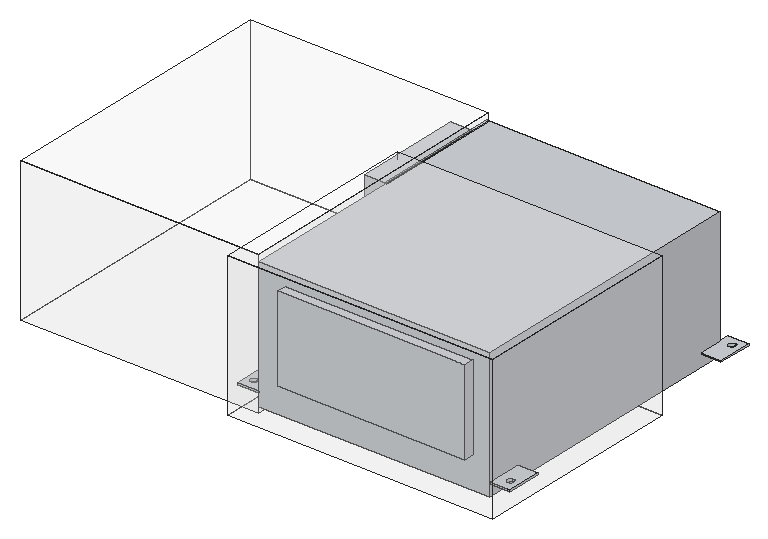
Revit family "pefy-p45_280mg7_50Hz", category 機械設備, Revit 2019
Family settings
  丸型コネクタ寸法 = 直径を使用
  パーツ タイプ = 標準
  OmniClass 番号 = 23.75.10.24.21.27.27
  OmniClass タイトル = Split System Air Conditioning Units
  作業面ベース = いいえ
  常に垂直 = はい
  ロード時にボイドで切り取り = いいえ
  共有 = いいえ
  部屋計算ポイント = はい
Parameters (values of type "PEFY-P45MG7")
  風量（弱）（m3／min） = 10
  風量（m3／min） = 14
  風量 = MAX風量  # 840.0 m³/h
  音響パワーレベル（弱）(dB) = 51
  音響パワーレベル(dB) = 57
  電源種別 = ""
  電源_H = 0 mm
  電圧_電気ヒーター = 0 V
  電圧 = 200 V
  電動機出力_送風機 = 0.08 kW
  運転質量 = 0.00 kg
  連動 = ""
  質量 = if(製品質量 > 運転質量, 製品質量, 運転質量) * 1.2  # 46.80 kg
  負荷分類 = 3_ファン類
  説明 = "ビル用マルチエアコン　天井埋込形室内機"
  設計暖房能力 = 0.00 kW
  設計冷房能力_顕熱 = 0 kW
  設計冷房能力 = 0 kW
  設置方法 = "天井吊(隠ぺい)形"
  記号 = ""
  製造元 = "三菱電機株式会社"
  製品質量 = 39.00 kg
  製品出荷対象 = "国内"
  製品リリース年月 = "2020/7/22"
  製品グループ = ""
  系統 = ""
  符号 = "ACP_CID"
  積算_科目 = "1 空気調和設備"
  積算_拾い区分 [instance] = ""
  相_電気ヒーター = 1
  相 = 1
  盤記号 = ""
  発停方法 = "付属スイッチ"
  特殊仕様 = ""
  点検口離隔 [instance] = if(点検口離隔入力値 > 200 mm, 200 mm, if(点検口離隔入力値 < 150 mm, 150 mm, 点検口離隔入力値))  # 150 mm
  点検口離隔入力値 [instance] = 150 mm
  点検口設置範囲 = 700 mm
  点検口位置 = 200 mm
  点検口 = yes
  火災停止 = ""
  消費電力_電気ヒーター = 0.00 kW
  消費電力_暖房 = 0.17 kW
  消費電力_加湿器 = 0.00 kW
  消費電力_冷房 = 0.19 kW
  消費電力 = if(消費電力_冷房 > 消費電力_暖房, 消費電力_冷房, 消費電力_暖房) + 消費電力_加湿器 + 消費電力_電気ヒーター  # 0.19 kW
  法定耐用年数 = "15"
  機外静圧 = 100.0 Pa
  極数 = 3
  材質 = ""
  本体マテリアル = none
  有効加湿量 = 0
  暖房能力 = 5.00 kW
  推奨ブレーカー容量 = 15 A
  形式_加湿器 = ""
  形式 = "天井吊（隠ぺい）形（両ダクト形）"
  幹線記号 = ""
  始動方式 = ""
  呼称 = "室内機_天井吊(隠ぺい)形(両ダクト形)"
  周波数 = 50 Hz
  吊り幅 = if(Depth = 900 mm, 60 mm, 61 mm)  # 60 mm
  吊り位置Y = 814 mm
  吊り位置X = 754 mm
  吊りボルト_H = 41 mm  # constant formula
  台数_手元リモコン = ""
  台数_冷媒分岐ユニット = ""
  参照している仕様書等のバージョン = "公共建築工事標準仕様書（機械設備工事編）平成31年度版"
  加湿給水管径 = 0 mm
  分類コード = "50053003221070"
  分類グループ = ""
  冷房能力 = 4.5 kW
  冷媒高低圧ガス管径 = 0 mm
  冷媒管径符号 = "Ac"
  冷媒管径 = 100 mm
  冷媒液管径 = 6.35 mm
  冷媒液管_縦 = 58 mm
  冷媒液管_横 = 69 mm
  冷媒ガス管径 = 12.7 mm
  冷媒ガス管_縦 = 143 mm
  冷媒ガス管_横 = 187 mm
  企業コード = "108420"
  付属品_フィルター = ""
  付属品 = ""
  仕様書バージョン = "Version1.0"
  モデル = "PEFY-P45MG7"
  ドレン管径 = 32 mm
  ドレン管_縦 = 326.5 mm
  ドレン管_横 = 430 mm
  サービススペース = yes
  コメント [instance] = ""
  ケーブル種類 = ""
  ケーブルサイズ = 1.6 mm
  Width = 745 mm
  Version = ""
  Uniclass2015Version = "Systems v1.9"
  Uniclass2015Title = "Split coil remote air cooled condensing units"
  Uniclass2015Code = "Pr_70_65_03_84"
  URL = "https://www.mitsubishielectric.co.jp/ldg/wink/ssl/displayProduct.do?pid=307559"
  SpecificationReference = ""
  SpecificationDescription = ""
  S_H = Height + 20 mm  # 400 mm
  SAサイズ_W = 550 mm
  SAサイズ_D = 250 mm
  Revision = ""
  RAサイズ_W = 600 mm
  RAサイズ_D = 340 mm
  ProductInformation = ""
  OmniClassCode = "23-751024212727"
  MID風量 = 風量（弱）（m3／min） * 60.0 m³/h  # 600.0 m³/h
  MAX風量 = 風量（m3／min） * 60.0 m³/h  # 840.0 m³/h
  IfcTypeProduct = ""
  IfcProduct = ""
  IfcExportType = "AIRCONDITIONINGUNIT"
  IfcExportAs = "IfcUnitaryEquipmentType"
  Height = 380 mm
  Depth = 900 mm
  Clearance Top = 20 mm  # constant formula
  Clearance Right = 50 mm  # constant formula
  Clearance Left = if(Width = 745 mm, 730 mm, if(Width = 1030 mm, 1015 mm, if(Width = 1195 mm, 1180 mm, 1300 mm)))  # 730 mm
  Clearance Front = if(Depth = 900 mm, 575 mm, 650 mm)  # 575 mm
  Clearance Bottom = 20 mm  # constant formula
  Clearance Back = 50 mm  # constant formula
  Author = "三菱電機株式会社"
Types (11, lengths in mm): name | 風量（弱）（m3／min） | 風量（m3／min） | 風量 | 音響パワーレベル（弱）(dB) | 音響パワーレベル(dB) | 電動機出力_送風機 | 質量 | 製品質量 | 相 | 点検口設置範囲 | 消費電力_暖房 | 消費電力_冷房 | 消費電力 | 機外静圧 | 暖房能力 | 吊り幅 | 吊り位置Y | 吊り位置X | 冷房能力 | 冷媒管径符号 | 冷媒液管径 | 冷媒液管_縦 | 冷媒液管_横 | 冷媒ガス管径 | 冷媒ガス管_縦 | 冷媒ガス管_横 | モデル | ドレン管_縦 | ドレン管_横 | Width | URL | S_H | SAサイズ_W | SAサイズ_D | RAサイズ_W | RAサイズ_D | MID風量 | MAX風量 | Height | Depth | Clearance Left | Clearance Front
  (no name) | 10 | 14 | 840.0 m³/h | 51 | 57 | 0.08 kW | 46.80 kg | 39.00 kg | 1 | 700 | 0.17 kW | 0.19 kW | 0.19 kW | 100.0 Pa | 5.00 kW | 60 | 814 | 754 | 4.5 kW | "Ac" | 6.35 | 58 | 69 | 12.7 | 143 | 187 | "PEFY-P45MG7" | 326.5 | 430 | 745 | "https://www.mitsubishielectric.co.jp/ldg/wink/ssl/displayProduct.do?pid=307559" | 400 | 550 | 250 | 600 | 340 | 600.0 m³/h | 840.0 m³/h | 380 | 900 | 730 | 575
  PEFY-P45MG7 | 10 | 14 | 840.0 m³/h | 51 | 57 | 0.08 kW | 46.80 kg | 39.00 kg | 1 | 700 | 0.17 kW | 0.19 kW | 0.19 kW | 100.0 Pa | 5.00 kW | 60 | 814 | 754 | 4.5 kW | "Ac" | 6.35 | 58 | 69 | 12.7 | 143 | 187 | "PEFY-P45MG7" | 326.5 | 430 | 745 | "https://www.mitsubishielectric.co.jp/ldg/wink/ssl/displayProduct.do?pid=307559" | 400 | 550 | 250 | 600 | 340 | 600.0 m³/h | 840.0 m³/h | 380 | 900 | 730 | 575
  PEFY-P56MG7 | 10 | 14 | 840.0 m³/h | 52 | 57 | 0.08 kW | 46.80 kg | 39.00 kg | 1 | 700 | 0.17 kW | 0.19 kW | 0.19 kW | 100.0 Pa | 6.30 kW | 60 | 814 | 754 | 5.6 kW | "Ac" | 6.35 | 58 | 69 | 12.7 | 143 | 187 | "PEFY-P56MG7" | 326.5 | 430 | 745 | "https://www.mitsubishielectric.co.jp/ldg/wink/ssl/displayProduct.do?pid=307560" | 400 | 550 | 250 | 600 | 340 | 600.0 m³/h | 840.0 m³/h | 380 | 900 | 730 | 575
  PEFY-P71MG7 | 13.5 | 19 | 1140.0 m³/h | 56 | 61 | 0.10 kW | 48.00 kg | 40.00 kg | 1 | 700 | 0.22 kW | 0.24 kW | 0.24 kW | 100.0 Pa | 8.00 kW | 60 | 814 | 754 | 7.1 kW | "Bd" | 9.52 | 58 | 69 | 15.88 | 143 | 187 | "PEFY-P71MG7" | 326.5 | 430 | 745 | "https://www.mitsubishielectric.co.jp/ldg/wink/ssl/displayProduct.do?pid=307504" | 400 | 550 | 250 | 600 | 340 | 810.0 m³/h | 1140.0 m³/h | 380 | 900 | 730 | 575
  PEFY-P80MG7 | 15.5 | 22 | 1320.0 m³/h | 56 | 61 | 0.11 kW | 61.20 kg | 51.00 kg | 1 | 700 | 0.26 kW | 0.28 kW | 0.28 kW | 100.0 Pa | 9.00 kW | 60 | 814 | 1039 | 8 kW | "Bd" | 9.52 | 58 | 69 | 15.88 | 143 | 187 | "PEFY-P80MG7" | 326.5 | 430 | 1030 | "https://www.mitsubishielectric.co.jp/ldg/wink/ssl/displayProduct.do?pid=307561" | 400 | 835 | 250 | 885 | 340 | 930.0 m³/h | 1320.0 m³/h | 380 | 900 | 1015 | 575
  PEFY-P90MG7 | 18 | 25 | 1500.0 m³/h | 58 | 63 | 0.14 kW | 61.20 kg | 51.00 kg | 1 | 700 | 0.27 kW | 0.29 kW | 0.29 kW | 100.0 Pa | 10.00 kW | 60 | 814 | 1039 | 9 kW | "Bd" | 9.52 | 58 | 69 | 15.88 | 143 | 187 | "PEFY-P90MG7" | 326.5 | 430 | 1030 | "https://www.mitsubishielectric.co.jp/ldg/wink/ssl/displayProduct.do?pid=307562" | 400 | 835 | 250 | 885 | 340 | 1080.0 m³/h | 1500.0 m³/h | 380 | 900 | 1015 | 575
  PEFY-P112MG7 | 26.5 | 38 | 2280.0 m³/h | 60 | 64 | 0.20 kW | 75.60 kg | 63.00 kg | 1 | 700 | 0.47 kW | 0.49 kW | 0.49 kW | 100.0 Pa | 12.50 kW | 60 | 814 | 1204 | 11.2 kW | "Bd" | 9.52 | 58 | 69 | 15.88 | 143 | 187 | "PEFY-P112MG7" | 326.5 | 430 | 1195 | "https://www.mitsubishielectric.co.jp/ldg/wink/ssl/displayProduct.do?pid=307563" | 400 | 1000 | 250 | 1050 | 340 | 1590.0 m³/h | 2280.0 m³/h | 380 | 900 | 1180 | 575
  PEFY-P140MG7 | 26.5 | 38 | 2280.0 m³/h | 61 | 65 | 0.20 kW | 75.60 kg | 63.00 kg | 1 | 700 | 0.47 kW | 0.49 kW | 0.49 kW | 100.0 Pa | 16.00 kW | 60 | 814 | 1204 | 14 kW | "Bd" | 9.52 | 58 | 69 | 15.88 | 143 | 187 | "PEFY-P140MG7" | 326.5 | 430 | 1195 | "https://www.mitsubishielectric.co.jp/ldg/wink/ssl/displayProduct.do?pid=307505" | 400 | 1000 | 250 | 1050 | 340 | 1590.0 m³/h | 2280.0 m³/h | 380 | 900 | 1180 | 575
  PEFY-P160MG7 | 28 | 40 | 2400.0 m³/h | 62 | 65 | 0.23 kW | 78.00 kg | 65.00 kg | 1 | 700 | 0.47 kW | 0.49 kW | 0.49 kW | 100.0 Pa | 18.00 kW | 60 | 814 | 1204 | 16 kW | "Bd" | 9.52 | 58 | 69 | 15.88 | 143 | 187 | "PEFY-P160MG7" | 326.5 | 430 | 1195 | "https://www.mitsubishielectric.co.jp/ldg/wink/ssl/displayProduct.do?pid=307564" | 400 | 1000 | 250 | 1050 | 340 | 1680.0 m³/h | 2400.0 m³/h | 380 | 900 | 1180 | 575
  PEFY-P224MG7 | 0 | 58 | 3480.0 m³/h | 0 | 70 | 0.69 kW | 117.60 kg | 98.00 kg | 3 | 800 | 0.92 kW | 0.92 kW | 0.92 kW | 200.0 Pa | 25.00 kW | 61 | 1034 | 1326 | 22.4 kW | "Be" | 9.52 | 44 | 95 | 19.05 | 164 | 249 | "PEFY-P224MG7" | 327 | 489 | 1250 | "https://www.mitsubishielectric.co.jp/ldg/wink/ssl/displayProduct.do?pid=307565" | 490 | 1100 | 340 | 1100 | 420 | 0.0 m³/h | 3480.0 m³/h | 470 | 1120 | 1300 | 650
  PEFY-P280MG7 | 0 | 72 | 4320.0 m³/h | 0 | 75 | 0.87 kW | 121.20 kg | 101.00 kg | 3 | 800 | 1.10 kW | 1.10 kW | 1.10 kW | 200.0 Pa | 31.50 kW | 61 | 1034 | 1326 | 28 kW | "Bf" | 9.52 | 44 | 95 | 22.2 | 164 | 249 | "PEFY-P280MG7" | 327 | 489 | 1250 | "https://www.mitsubishielectric.co.jp/ldg/wink/ssl/displayProduct.do?pid=307506" | 490 | 1100 | 340 | 1100 | 420 | 0.0 m³/h | 4320.0 m³/h | 470 | 1120 | 1300 | 650
Reference planes
  plane 1 "中心(正面/背面)": y = -138.467
  plane 2: z = 0
  plane 3 "中心(左/右)": x = 140.396
  plane 4: z = 380
  plane 5: z = 400
  plane 6: x = 517.396
  plane 7: x = -236.604
  plane 8: y = -528.467
  plane 9: y = 285.533
  plane 10: y = -588.467
  plane 11: y = 311.533
  plane 12: x = 480.396
  plane 13: x = -264.604
  plane 14: z = -20
  plane 15: x = 540.396
  plane 16: y = -559.467
  plane 17: y = 287.533
  plane 18: y = -135.967
  plane 19: y = -362.467
  plane 20: y = 87.533
  plane 21: x = -199.604
  plane 22: x = -349.604
  plane 23: x = -899.604
  plane 24: z = 400
  plane 25: x = -249.604
  plane 26: y = -609.467
  plane 27: x = 530.396
  plane 28: y = 15.533
Dimensions and locks
  "S_H": plane 5 to level
  "吊り位置X": plane 6 to plane 7
  "吊り位置Y": plane 9 to plane 8
  equal spacing: plane 11, plane 1 "中心(正面/背面)", plane 10
  "Depth": plane 11 to plane 10
  "Width": plane 12 to plane 13
  "Clearance Bottom": level to plane 14
  locked: plane 8 to plane 10 at 60
  "吊り幅": plane 15 to plane 12
  locked: plane 15 to plane 6 at 23
  "Height": plane 4 to level
  locked: plane 11 to plane 17 at 24
  locked: plane 16 to plane 10 at 29
  locked: plane 20 to plane 19 at 450
  equal spacing: plane 17, plane 18, plane 16
  plane 21 to plane 7 = 37 mm
  "点検口離隔": plane 21 to plane 22
  "点検口設置範囲": plane 21 to plane 23
  "Clearance Top": plane 24 to plane 4
  "Clearance Back": plane 16 to plane 26
  "Clearance Right": plane 21 to plane 25
  "Clearance Front": plane 28 to plane 16
  "Clearance Left": plane 27 to plane 21
  "点検口位置": plane 17 to plane 20
  equal spacing: plane 6, plane 3 "中心(左/右)", plane 7
  equal spacing: plane 12, plane 3 "中心(左/右)", plane 21
  aligned and locked: level to plane 2
  aligned and locked: nested 3 to plane 6
  aligned and locked: nested 3 to plane 7
  aligned and locked: plane 8 to nested 3
  aligned and locked: nested 3 to plane 9
  aligned and locked: nested 4 to plane 3 "中心(左/右)"
  aligned and locked: plane 1 "中心(正面/背面)" to nested 4
  aligned and locked: plane 19 to nested 2
  aligned and locked: plane 20 to nested 2
  aligned and locked: nested 2 to plane 23
  aligned and locked: nested 2 to plane 22
  aligned and locked: plane 24 to nested 1
  aligned and locked: plane 24 to nested 5
  aligned and locked: plane 14 to nested 1
  aligned and locked: plane 14 to nested 5
  aligned and locked: nested 1 to plane 16
  aligned and locked: nested 1 to plane 17
  aligned and locked: nested 1 to plane 23
  aligned and locked: nested 1 to plane 21
  aligned and locked: nested 5 to plane 26
  aligned and locked: nested 5 to plane 28
  aligned and locked: nested 5 to plane 25
  aligned and locked: nested 5 to plane 27
Nested families
  nested 1: "サービススペース" at (-549.604, -135.967, 190) x (-1, 0, 0) z (0, 0, 1), visible <- "サービススペース", type "サービススペース"
    with Width 700 mm, Height 420 mm, Depth 847 mm
  nested 2: "点検口設置範囲" at (-624.604, -137.467, 0) x (-1, 0, 0) z (0, 0, 1), visible <- "点検口", type "点検口設置範囲"
    with Width 550 mm, Depth 450 mm
  nested 3: "固定点" at (517.396, 285.533, 0) x (-1, 0, 0) z (0, 0, 1), type "固定点"
    with W 754 mm, D 814 mm
  nested 4: "PEFY-P○○○MG7" at (312.896, -138.467, 0) x (0, -1, 0) z (0, 0, 1), type "PEFY-P○○○MG7"
    with 制御ボクス yes, ユニット表示 yes, 冷媒液配管サイズ 6.35 mm, E 550 mm, A 800 mm, 奥行き 745 mm, 冷媒ガス配管サイズ 12.7 mm, D 600 mm, B 754 mm
  nested 5: "サービススペース" at (140.396, -296.967, 190) x (-1, 0, 0) z (0, 0, 1), visible <- "サービススペース", type "サービススペース"
    with Width 780 mm, Height 420 mm, Depth 625 mm
Connectors
  hvac at (155.396, -588.467, 219), driven by "SAサイズ_D", driven by "SAサイズ_W", driven by "機外静圧", driven by "風量"
    settings: on nested 4, index 1, duct flow 840.0 m³/h, flow factor 0, pres drop 100.0 Pa, loss coef 0, conn angle 0.00°, conn width 550 mm, conn height 250 mm, conn diameter 609.6 mm, duct sys type 29, conn prof type 1, flow config 0, flow direction 2, loss method 4, conn ref index -1, conn util no, is conn primary yes, conn desc ""
  hvac at (140.396, 311.533, 186), driven by "RAサイズ_D", driven by "RAサイズ_W", driven by "機外静圧", driven by "風量"
    settings: on nested 4, index 2, duct flow 840.0 m³/h, flow factor 0, pres drop 100.0 Pa, loss coef 0, conn angle 0.00°, conn width 600 mm, conn height 340 mm, conn diameter 609.6 mm, duct sys type 29, conn prof type 1, flow config 0, flow direction 1, loss method 4, conn ref index -1, conn util no, is conn primary no, conn desc ""
  piping at (-264.604, -337.967, 172), diameter 100, driven by "冷媒管径", driven by "冷媒管径符号"
    settings: on nested 4, index 3, connector inside diameter 609.6 mm, connector length 0 mm, flow factor 0, pipe flow 0.0 L/s, pressure drop 0.0 Pa, fitting loss kfactor 0, connector angle 0.00°, fixture units 0, engagement length 0 mm, angle of deflection 0.00°, flow configuration 1, flow direction 1, fitting loss method 4, system type 7, joint type 0, gender type 0, connector reference index -1, connector utility 0, adjustable connector no, is connector primary yes, connector description "Ac"
  piping at (-209.604, -129.467, 326.5), diameter 32, driven by "ドレン管径"
    settings: on nested 4, index 4, connector inside diameter 609.6 mm, connector length 0 mm, flow factor 0, pipe flow 0.0 L/s, pressure drop 0.0 Pa, fitting loss kfactor 0, connector angle 0.00°, fixture units 0, engagement length 0 mm, angle of deflection 0.00°, flow configuration 1, flow direction 2, fitting loss method 4, system type 16, joint type 0, gender type 0, connector reference index -1, connector utility 0, adjustable connector no, is connector primary no, connector description ""
  electrical at (-209.604, 117.533, 60), driven by "極数", driven by "負荷分類", driven by "電圧", driven by "消費電力"
    settings: on nested 4, index 5, voltage 200 V, apparent load 190 VA, apparent load phase1 0 VA, apparent load phase2 0 VA, apparent load phase3 0 VA, power factor 1, load classification "3_ファン類", number of poles 3, system type 30, power factor state 1, is connector primary yes, connector utility no, sub classification motor no, connector description ""
Definition of nested family "サービススペース"
  Parameters (values of type "サービススペース")
    Width [instance] = 500 mm
    Height [instance] = 500 mm
    Depth [instance] = 500 mm
  Reference planes
    plane 1 "中心(正面/背面)": y = 0
    plane 2: z = 0
    plane 3 "中心(左/右)": x = 0
    plane 4: y = -250
    plane 5: x = 250
    plane 6: y = 250
    plane 7: x = -250
    plane 8: z = 250
    plane 9: z = -250
  Forms (mm)
    Extrusion 1, solid
      sketch origin (-638.939, 0, 72.39) x (1, 0, 0) y (0, 1, 0)
        loop
          line (388.939, 250) -> (388.939, -250) -> (888.939, -250) -> (888.939, 250) -> (388.939, 250)
      from -322.39 to 177.61
  Lines and regions (mm)
    symbolic lines
      curve 1: line (-250, 0, 250) -> (250, 0, 250)
      curve 2: line (-250, 0, -250) -> (-250, 0, 250)
      curve 3: line (250, 0, -250) -> (-250, 0, -250)
      curve 4: line (250, 0, 250) -> (250, 0, -250)
      curve 5: line (0, -250, 250) -> (0, 250, 250)
      curve 6: line (0, -250, -250) -> (0, -250, 250)
      curve 7: line (0, 250, -250) -> (0, -250, -250)
      curve 8: line (0, 250, 250) -> (0, 250, -250)
      curve 9: line (-250, 250, 0) -> (250, 250, 0)
      curve 10: line (-250, -250, 0) -> (-250, 250, 0)
      curve 11: line (250, -250, 0) -> (-250, -250, 0)
      curve 12: line (250, 250, 0) -> (250, -250, 0)
  Dimensions and locks
    equal spacing: plane 7, plane 3 "中心(左/右)", plane 5
    equal spacing: plane 4, plane 1 "中心(正面/背面)", plane 6
    "Depth": plane 4 to plane 6
    "Width": plane 7 to plane 5
    equal spacing: plane 8, plane 2, plane 9
    "Height": plane 8 to plane 9
    aligned and locked: plane 9 to curve 3
    aligned and locked: plane 7 to curve 2
    aligned and locked: curve 4 to plane 5
    aligned and locked: plane 5 to Extrusion 1
    aligned and locked: Extrusion 1 to plane 7
    aligned and locked: Extrusion 1 to plane 9
    aligned and locked: plane 8 to Extrusion 1
    aligned and locked: plane 9 to curve 7
  Automatic sketch dimensions
    plane 4 to Extrusion 1 sketch curve = 0 mm
    Extrusion 1 sketch curve to plane 7 = 0 mm
    Extrusion 1 sketch curve to plane 5 = 0 mm
    plane 6 to Extrusion 1 sketch curve = 0 mm
    curve 2 to plane 8 = 0 mm
    plane 4 to curve 11 = 0 mm
    curve 11 to plane 7 = 0 mm
    curve 11 to plane 5 = 0 mm
    plane 6 to curve 10 = 0 mm
    curve 7 to plane 4 = 0 mm
    curve 7 to plane 6 = 0 mm
    curve 6 to plane 8 = 0 mm
Definition of nested family "PEFY-P○○○MG7"
  Parameters (values of type "PEFY-P○○○MG7")
    配線取出口サイズ = 36 mm
    配線取出口-Z = 60 mm  # constant formula
    配線取出口-Y = 10 mm  # constant formula
    配線取出口-X = 50 mm  # constant formula
    制御ボクス [instance] = and(ユニット表示, 幅さ = 900 mm)  # yes
    冷媒液配管サイズ = 9.52 mm
    y = if(幅さ = 900 mm, 65 mm, 0 mm)  # 65 mm
    e = if(幅さ = 900 mm, 80 mm, 100 mm)  # 80 mm
    d = if(幅さ = 900 mm, 40 mm, 102 mm)  # 40 mm
    R2 = 250 mm
    R1 = if(幅さ = 900 mm, 94 mm, 105 mm)  # 94 mm
    L2 = 340 mm
    L1 = if(幅さ = 900 mm, 16 mm, 20 mm)  # 16 mm
    E = 1000 mm
    C = 680 mm
    A = if(奥行き = 745 mm, 800 mm, if(奥行き = 1030 mm, 1085 mm, if(奥行き = 1195 mm, 1250 mm, 1372 mm)))  # 1250 mm
    高さ = 380 mm
    奥行き = 1195 mm
    吊りボルト_H = 167 mm
    冷媒配管 = 100 mm
    冷媒液管径-Z = 58 mm
    冷媒液管径-Y = if(幅さ = 900 mm, 65 mm, 100 mm)  # 65 mm
    冷媒液管径-X = 69 mm
    冷媒ガス管径-Z = 143 mm
    冷媒ガス管径-Y = if(幅さ = 900 mm, 70 mm, 100 mm)  # 70 mm
    冷媒ガス管径-X = 187 mm
    ユニット表示 [instance] = yes
    吊りボルトピッチ = 814 mm
    ドレン配管サイズ = 32 mm
    ドレン管径-Z = 326.5 mm
    ドレン管径-Y = 10 mm  # constant formula
    ドレン管径-X = 430 mm
    冷媒ガス配管サイズ = 15.88 mm
    D = 1050 mm
    幅さ = 900 mm
    B = 1204 mm
  Reference planes
    plane 1 "中心(正面/背面)": y = -172.5
    plane 2: z = 0
    plane 3 "中心(左/右)": x = 0
    plane 4: z = 380
    plane 5: z = -20
    plane 6: x = -450
    plane 7: x = 450
    plane 8: y = -797.5
    plane 9: z = 400
    plane 10: y = 392.5
    plane 11: y = -737.5
    plane 12: x = -426
    plane 13: x = 421
    plane 14: z = 41
    plane 15: z = 36
    plane 16: y = 342.5
    plane 17: y = -657.5
    plane 18: y = 352.5
    plane 19: y = -697.5
    plane 20: y = 429.5
    plane 21: z = 356
    plane 22: z = 16
    plane 23: z = 94
    plane 24: z = 344
    plane 25: y = -802.5
    plane 26: x = -366
    plane 27: x = -306
    plane 28: z = 120
    plane 29: z = 170
    plane 30: y = -742.5
    plane 31: x = -454
    plane 32: x = 390
    plane 33: x = -424
    plane 34: x = -354
    plane 35: x = 321
    plane 36: y = 452.5
    plane 37: y = -774.5
    plane 38: y = -802.5
    plane 39: y = -747.5
    plane 40: y = -802.5
    plane 41: y = -807.5
    plane 42: x = 234
    plane 43: z = 143
    plane 44: x = 165
    plane 45: z = 201
    plane 46: x = 199.5
    plane 47: z = 172
    plane 48: x = -9
    plane 49: x = -50
    plane 50: z = 326.5
    plane 51: x = -256
    plane 52: z = 60
  Forms (mm)
    Extrusion 1, solid, visible <- "ユニット表示", detail levels fine
      sketch origin (0, 0, 0) x (1, 0, 0) y (0, 1, 0)
        loop
          line (-426, 392.5) -> (-426, -737.5) -> (421, -737.5) -> (421, 392.5) -> (-426, 392.5)
      from 0 to 380
    Extrusion 2, solid, visible <- "ユニット表示", detail levels fine
      sketch origin (0, 0, 0) x (1, 0, 0) y (0, 1, 0)
        loop
          line (-450, 352.5) -> (-450, -697.5) -> (-426, -697.5) -> (-426, 352.5) -> (-450, 352.5)
      from 16 to 356
    Extrusion 3, solid, visible <- "ユニット表示", detail levels fine
      sketch origin (0, 0, 0) x (1, 0, 0) y (0, 1, 0)
        loop
          line (450, 342.5) -> (421, 342.5) -> (421, -657.5) -> (450, -657.5) -> (450, 342.5)
      from 94 to 344
    Extrusion 4, solid, visible <- "ユニット表示", detail levels fine
      sketch origin (1480.036, -737.5, 1200) x (1, 0, 0) y (0, 0, 1)
        loop
          line (-1906.036, -820) -> (-1906.036, -1080) -> (-1786.036, -1200) -> (-1530.036, -1200) -> (-1530.036, -820) -> (-1906.036, -820)
      from 0 to 5
    Extrusion 5, solid, visible <- "制御ボクス", detail levels fine
      sketch origin (1480.036, -742.5, 1200) x (1, 0, 0) y (0, 0, 1)
        loop
          line (-1786.036, -1030) -> (-1786.036, -1184) -> (-1530.036, -1184) -> (-1530.036, -820) -> (-1846.036, -820) -> (-1846.036, -1030) -> (-1786.036, -1030)
      from 0 to 60
    Extrusion 6, solid, visible <- "ユニット表示", detail levels fine
      sketch origin (-1437.329, -1524, 36) x (-1, 0, 0) y (0, -1, 0)
        loop
          line (-1083.329, -1976.5) -> (-983.329, -1976.5) -> (-983.329, -1916.5) -> (-1083.329, -1916.5) -> (-1083.329, -1976.5)
        loop
          line (-1758.329, -1976.5) -> (-1758.329, -1916.5) -> (-1858.329, -1916.5) -> (-1858.329, -1976.5) -> (-1758.329, -1976.5)
        loop
          line (-1758.329, -726.5) -> (-1858.329, -726.5) -> (-1858.329, -786.5) -> (-1758.329, -786.5) -> (-1758.329, -726.5)
        loop
          line (-983.329, -786.5) -> (-983.329, -726.5) -> (-1083.329, -726.5) -> (-1083.329, -786.5) -> (-983.329, -786.5)
        loop
          circle (-1013.329, -1953.5) r 10
        loop
          circle (-1827.329, -1953.5) r 10
        loop
          circle (-1827.329, -749.5) r 10
        loop
          circle (-1013.329, -749.5) r 10
      from 0 to 5
    Extrusion 7, solid, visible <- "ユニット表示", detail levels fine
      sketch origin (1480.036, -737.5, 1200) x (1, 0, 0) y (0, 0, 1)
        loop
          circle (-1246.036, -1057) r 7.94
      from 0 to 70
    Extrusion 8, solid, visible <- "ユニット表示", detail levels fine
      sketch origin (1480.036, -737.5, 1200) x (1, 0, 0) y (0, 0, 1)
        loop
          circle (-1315.036, -999) r 4.76
      from 0 to 65
    Extrusion 9, solid, visible <- "ユニット表示", detail levels fine
      sketch origin (1480.036, -737.5, 1200) x (1, 0, 0) y (0, 0, 1)
        loop
          circle (-1280.536, -1028) r 50
      from 0 to 65
    Extrusion 10, solid, visible <- "ユニット表示", detail levels fine
      sketch origin (1480.036, -737.5, 1200) x (1, 0, 0) y (0, 0, 1)
        loop
          circle (-1489.036, -873.5) r 16
      from 0 to 10
    Extrusion 11, solid, visible <- "ユニット表示", detail levels fine
      sketch origin (1480.036, -737.5, 1200) x (1, 0, 0) y (0, 0, 1)
        loop
          circle (-1736.036, -1140) r 18
      from 0 to 10
  Dimensions and locks
    locked: level to plane 5 at 20
    equal spacing: plane 6, plane 3 "中心(左/右)", plane 7
    "幅さ": plane 6 to plane 7
    locked: plane 9 to plane 4 at 20
    "高さ": plane 4 to level
    locked: plane 6 to plane 12 at 24
    locked: plane 13 to plane 7 at 29
    locked: plane 14 to level at 41
    locked: plane 14 to plane 15 at 5
    "D": plane 19 to plane 18
    "E": plane 17 to plane 16
    "L1": plane 22 to level
    "R2": plane 24 to plane 23
    "R1": plane 23 to level
    "L2": plane 21 to plane 22
    "e": plane 11 to plane 17
    "d": plane 11 to plane 19
    "奥行き": plane 25 to plane 10
    plane 12 to plane 26 to plane 27 = 60 mm locked, 60 mm locked
    locked: plane 28 to level at 120
    locked: plane 29 to plane 28 at 50
    locked: plane 30 to plane 11 at 5
    locked: plane 31 to plane 6 at 4
    locked: plane 32 to plane 7 at 60
    "吊りボルトピッチ": plane 33 to plane 32
    locked: plane 31 to plane 34 at 100
    locked: plane 35 to plane 13 at 100
    "y": plane 25 to plane 11
    "B": plane 37 to plane 20
    plane 8 to plane 37 = 23 mm
    locked: plane 38 to plane 30 at 60
    "ドレン管径-Y": plane 39 to plane 11
    "冷媒液管径-Y": plane 40 to plane 11
    "冷媒ガス管径-Y": plane 41 to plane 11
    "冷媒ガス管径-Z": plane 43 to level
    "冷媒ガス管径-X": plane 42 to plane 13
    "冷媒液管径-X": plane 44 to plane 42
    "冷媒液管径-Z": plane 45 to plane 43
    equal spacing: plane 45, plane 47, plane 43
    equal spacing: plane 44, plane 46, plane 42
    "ドレン管径-X": plane 48 to plane 13
    locked: plane 49 to plane 3 "中心(左/右)" at 50
    "ドレン管径-Z": plane 50 to level
    locked: plane 27 to plane 51 at 50
    "配線取出口-Z": plane 52 to level
    "A": plane 8 to plane 36
    equal spacing: plane 11, plane 1 "中心(正面/背面)", plane 10
    equal spacing: plane 8, plane 1 "中心(正面/背面)", plane 36
    equal spacing: plane 37, plane 1 "中心(正面/背面)", plane 20
    diameter of Extrusion 6 sketch curve = 20 mm  (x4)
    "冷媒ガス配管サイズ": diameter of Extrusion 7 sketch curve
    "冷媒液配管サイズ": diameter of Extrusion 8 sketch curve
    "冷媒配管": diameter of Extrusion 9 sketch curve
    "ドレン配管サイズ": diameter of Extrusion 10 sketch curve
    "配線取出口サイズ": diameter of Extrusion 11 sketch curve
    aligned and locked: level to plane 2
    aligned and locked: plane 10 to Extrusion 1 sketch curve
    aligned and locked: plane 12 to Extrusion 1 sketch curve
    aligned and locked: Extrusion 1 sketch curve to plane 11
    aligned and locked: Extrusion 1 sketch curve to plane 13
    aligned and locked: Extrusion 1 to level
    aligned and locked: plane 4 to Extrusion 1
    aligned and locked: plane 18 to Extrusion 2 sketch curve
    aligned and locked: Extrusion 2 sketch curve to plane 19
    aligned and locked: Extrusion 2 sketch curve to plane 12
    aligned and locked: plane 6 to Extrusion 2 sketch curve
    aligned and locked: Extrusion 2 to plane 22
    aligned and locked: plane 21 to Extrusion 2
    aligned and locked: Extrusion 3 sketch curve to plane 16
    aligned and locked: plane 17 to Extrusion 3 sketch curve
    aligned and locked: Extrusion 3 sketch curve to plane 13
    aligned and locked: plane 7 to Extrusion 3 sketch curve
    aligned and locked: Extrusion 3 to plane 23
    aligned and locked: plane 24 to Extrusion 3
    aligned and locked: Extrusion 4 sketch curve to plane 4
    aligned and locked: Extrusion 4 sketch curve to plane 12
    aligned and locked: Extrusion 4 sketch curve to level
    aligned and locked: Extrusion 4 to plane 11
    aligned and locked: plane 30 to Extrusion 4
    aligned and locked: Extrusion 5 sketch curve to plane 27
    aligned and locked: Extrusion 5 sketch curve to plane 29
    aligned and locked: Extrusion 5 sketch curve to plane 26
    aligned and locked: Extrusion 5 sketch curve to plane 4
    aligned and locked: Extrusion 5 sketch curve to plane 22
    aligned and locked: Extrusion 5 to plane 30
    aligned and locked: Extrusion 6 sketch curve to plane 36
    aligned and locked: plane 34 to Extrusion 6 sketch curve
    aligned and locked: plane 10 to Extrusion 6 sketch curve
    aligned and locked: Extrusion 6 sketch curve to plane 31
    aligned and locked: plane 36 to Extrusion 6 sketch curve
    aligned and locked: plane 35 to Extrusion 6 sketch curve
    aligned and locked: Extrusion 6 sketch curve to Extrusion 1  (x4)
    aligned and locked: plane 8 to Extrusion 6 sketch curve
    aligned and locked: Extrusion 6 sketch curve to plane 35
    aligned and locked: plane 11 to Extrusion 6 sketch curve
    aligned and locked: plane 31 to Extrusion 6 sketch curve
    aligned and locked: Extrusion 6 sketch curve to plane 8
    aligned and locked: Extrusion 6 sketch curve to plane 34
    aligned and locked: plane 37 to Extrusion 6 sketch curve  (x2)
    aligned and locked: plane 33 to Extrusion 6 sketch curve  (x2)
    aligned and locked: plane 32 to Extrusion 6 sketch curve  (x2)
    aligned and locked: plane 20 to Extrusion 6 sketch curve  (x2)
    aligned and locked: Extrusion 6 to plane 15
    aligned and locked: plane 14 to Extrusion 6
    aligned and locked: plane 38 to Extrusion 5
    aligned and locked: plane 43 to Extrusion 7 sketch curve
    aligned and locked: plane 42 to Extrusion 7 sketch curve
    aligned and locked: Extrusion 7 to plane 11
    aligned and locked: plane 41 to Extrusion 7
    aligned and locked: plane 45 to Extrusion 8 sketch curve
    aligned and locked: plane 44 to Extrusion 8 sketch curve
    aligned and locked: Extrusion 8 to plane 11
    aligned and locked: plane 40 to Extrusion 8
    aligned and locked: Extrusion 9 to plane 11
    aligned and locked: plane 40 to Extrusion 9
    aligned and locked: Extrusion 5 sketch curve to plane 49
    aligned and locked: Extrusion 4 sketch curve to plane 49
    aligned and locked: plane 50 to Extrusion 10 sketch curve
    aligned and locked: plane 48 to Extrusion 10 sketch curve
    aligned and locked: Extrusion 10 to plane 11
    aligned and locked: plane 39 to Extrusion 10
    aligned and locked: plane 52 to Extrusion 11 sketch curve
    aligned and locked: plane 51 to Extrusion 11 sketch curve
    aligned and locked: Extrusion 11 to plane 11
    aligned and locked: plane 39 to Extrusion 11
    aligned and locked: plane 47 to Extrusion 9 sketch curve
    aligned and locked: plane 46 to Extrusion 9 sketch curve
  Automatic sketch dimensions
    Extrusion 4 sketch curve to plane 27 = 0 mm
    Extrusion 4 sketch curve to plane 28 = 0 mm
Definition of nested family "点検口設置範囲"
  Parameters (values of type "点検口設置範囲")
    Width [instance] = 1000 mm
    Depth [instance] = 700 mm
  Reference planes
    plane 1 "中心(正面/背面)": y = 0
    plane 2: z = 0
    plane 3 "中心(左/右)": x = 0
    plane 4: x = -500
    plane 5: x = 500
    plane 6: y = -350
    plane 7: y = 350
  Lines and regions (mm)
    model lines
      curve 1: line (-500, 350, 0) -> (500, 350, 0)
      curve 2: line (-500, -350, 0) -> (-500, 350, 0)
      curve 3: line (500, -350, 0) -> (-500, -350, 0)
      curve 4: line (500, 350, 0) -> (500, -350, 0)
  Dimensions and locks
    "Depth": plane 7 to plane 6
    "Width": plane 4 to plane 5
    equal spacing: plane 7, plane 1 "中心(正面/背面)", plane 6
    equal spacing: plane 4, plane 3 "中心(左/右)", plane 5
    aligned and locked: level to plane 2
    aligned and locked: plane 4 to curve 2
    aligned and locked: curve 1 to plane 7
    aligned and locked: curve 4 to plane 5
    aligned and locked: plane 6 to curve 3
Definition of nested family "固定点"
  Parameters (values of type "固定点")
    中心円 = 20 mm
    W [instance] = 1000 mm
    D [instance] = 1000 mm
  Reference planes
    plane 1 "中心(正面/背面)": y = 0
    plane 2: z = 0
    plane 3 "中心(左/右)": x = 0
    plane 4: x = 1000
    plane 5: y = 1000
  Lines and regions (mm)
    symbolic lines, detail levels fine
      curve 1: circle (0, 1000, 0) r 10 normal (0, 0, 1)
      curve 2: circle (0, 0, 0) r 10 normal (0, 0, 1)
      curve 3: circle (1000, 1000, 0) r 10 normal (0, 0, 1)
      curve 4: circle (1000, 0, 0) r 10 normal (0, 0, 1)
      curve 5: line (-200, 1000, 0) -> (1200, 1000, 0)
      curve 6: line (-200, 0, 0) -> (1200, 0, 0)
      curve 7: line (0, 1200, 0) -> (0, -200, 0)
      curve 8: line (1000, 1200, 0) -> (1000, -200, 0)
  Dimensions and locks
    "W": plane 3 "中心(左/右)" to plane 4
    "D": plane 1 "中心(正面/背面)" to plane 5
    "中心円": diameter of curve 1
    "中心円": diameter of curve 2
    "中心円": diameter of curve 3
    "中心円": diameter of curve 4
    aligned and locked: level to plane 2
    aligned and locked: plane 5 to curve 1
    aligned and locked: plane 3 "中心(左/右)" to curve 1
    aligned and locked: plane 3 "中心(左/右)" to curve 2
    aligned and locked: plane 1 "中心(正面/背面)" to curve 2
    aligned and locked: plane 4 to curve 3
    aligned and locked: plane 5 to curve 3
    aligned and locked: plane 1 "中心(正面/背面)" to curve 4
    aligned and locked: plane 4 to curve 4
    aligned and locked: plane 1 "中心(正面/背面)" to curve 6
    aligned and locked: curve 7 to plane 3 "中心(左/右)"
    aligned and locked: curve 8 to plane 4
  Automatic sketch dimensions
    curve 5 to plane 5 = 0 mm
    curve 6 to plane 3 "中心(左/右)" = 200 mm
    curve 5 to plane 3 "中心(左/右)" = 200 mm
    curve 4 to curve 6 = 200 mm
    curve 3 to curve 5 = 200 mm
    plane 1 "中心(正面/背面)" to curve 8 = 200 mm
    plane 1 "中心(正面/背面)" to curve 7 = 200 mm
    curve 3 to curve 8 = 200 mm
    curve 1 to curve 7 = 200 mm
